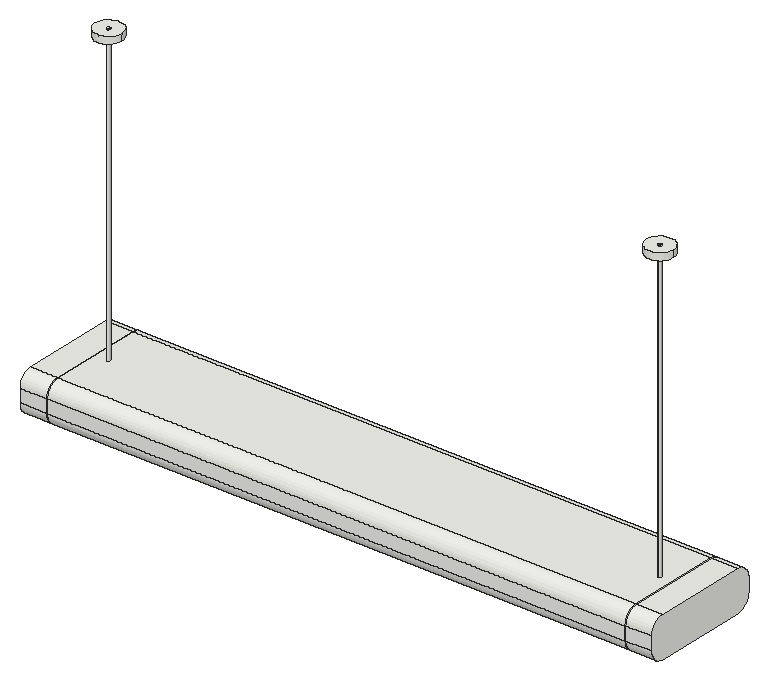
Revit family "Pendente linear - 2 lâmpadas", category Lighting Fixtures, host Ceiling, Revit 2016
Family settings
  Host = Ceiling
  Part Type = Normal
  Round Connector Dimension = Use Diameter
  OmniClass Number = 23.80.70.11.11
  OmniClass Title = General Luminaries, Non Directional
  Always vertical = Yes
  Cut with Voids When Loaded = No
  Light Source = Yes
  Shared = No
  Room Calculation Point = No
Parameters (values of type "1200mm - 120V")
  Wattage = 100 W
  built-in parameter 1150110 = 1 (stored number, unit not read)
  built-in parameter 1114217 = 1 (stored number, unit not read)
  built-in parameter 1150109 = 1 (stored number, unit not read)
  built-in parameter 1150134 = 8
  built-in parameter 1150113 = 1 (stored number, unit not read)
  built-in parameter 1150115 = 1 (stored number, unit not read)
  built-in parameter 1150105 = 3183.1 (stored number, unit not read)
  Load Classification = Lighting - Dwelling Unit
  Light Source Symbol Size = 60.96 cm
  built-in parameter 1150137 = (empty or 0)
  built-in parameter 1150139 = (empty or 0)
  built-in parameter 1150112 = 1 (stored number, unit not read)
  built-in parameter 1150114 = 1 (stored number, unit not read)
  Lamp = "T-12"
  built-in parameter 1150132 = (empty or 0)
  built-in parameter 1150102 = (empty or 0)
  built-in parameter 1150138 = (empty or 0)
  built-in parameter 1150107 = 4230 (stored number, unit not read)
  built-in parameter 1150106 = 31.831 (stored number, unit not read)
  Emit from Rectangle Width = 22.5 cm
  Emit from Rectangle Length = Light Casing Length - 7.6 cm  # 112.4 cm
  Emit Shape Visible in Rendering = no
  built-in parameter 1150104 = 9.2903 (stored number, unit not read)
  Dimming Lamp Color Temperature Shift = <None>
  Color Filter = 16777215
  built-in parameter 1140040 [instance] = 1
  Ballast Voltage = 120 V
  Ballast Number of Poles = 1
  built-in parameter 1114218 = 0.88 (stored number, unit not read)
  built-in parameter 1150133 = 10 (stored number, unit not read)
  Assembly Code = "D5020210"
  Ceiling Mount Material = Metal - Paint Finish - Ivory, Glossy
  Diffuser Material = Glass - White, High Luminance
  Light Casing Length = 120 cm
  Light Casing Material = Metal - Paint Finish - Ivory, Glossy
  Drop From Ceiling = 64 cm
  Lumens = 10000 lm
  Apparent Load = 64 VA
Types (4, lengths in cm): name | Wattage | built-in parameter 1114217 | built-in parameter 1150105 | built-in parameter 1150137 | built-in parameter 1150106 | Emit from Rectangle Length | built-in parameter 1150104 | Ballast Voltage | Light Casing Length | Drop From Ceiling | Lumens | Apparent Load
  1200mm - 120V | 100 W | 1 (stored number, unit not read) | 3183.1 (stored number, unit not read) | (empty or 0) | 31.831 (stored number, unit not read) | 112.4 | 9.2903 (stored number, unit not read) | 120 V | 120 | 64 | 10000 lm | 64 VA
  1200mm - 277V | 64 W | 0.88 (stored number, unit not read) | 1909.9 (stored number, unit not read) | 1 | 19.099 (stored number, unit not read) | 112.4 | 8.7097 (stored number, unit not read) | 277 V | 120 | 64 | 6000 lm | 64 VA
  2400mm - 120V | 150 W | 0.88 (stored number, unit not read) | 4010.7 (stored number, unit not read) | 1 | 40.107 (stored number, unit not read) | 232.4 | 7.8039 (stored number, unit not read) | 120 V | 240 | 34 | 12600 lm | 150 VA
  2400mm - 277V | 150 W | 0.88 (stored number, unit not read) | 4010.7 (stored number, unit not read) | 1 | 40.107 (stored number, unit not read) | 232.4 | 7.8039 (stored number, unit not read) | 277 V | 240 | 34 | 12600 lm | 150 VA
Reference planes (cm)
  plane 1 "Light Source Axis": y = 0
  plane 2 "Ceiling": z = 243.84
  plane 3 "Light Source Axis": x = 0
  plane 4 "Light Source Elevation": z = 181.11
  plane 5: x = -60
  plane 6: x = 60
  plane 7: x = -52.38
  plane 8: x = 52.38
  plane 9: x = -52.3888
  plane 10: x = 52.38
  plane 11: z = 242.57
  plane 12: z = 179.84
  plane 13: z = 182.38
  plane 14: z = 187.46
Forms (cm)
  Sweep 1, solid, material "Metal - Paint Finish - Ivory, Glossy" <- "Light Casing Material"
    path origin (0, 0, 181.11) x (0, -1, 0) y (1, 0, 0)
      loop
        line (0, -54.92) -> (0, 54.92)
    profile origin (0, 0, 184.15) x (0, 1, 0) y (0, 0, 1)
      loop
        line (8.89, 3.31) -> (-8.89, 3.31)
        arc (-8.89, 3.31) -> (-10.6861, 2.5661) -> (-11.43, 0.77) r 2.54
        line (-11.43, 0.77) -> (-11.43, -1.77)
        arc (-11.43, -1.77) -> (-10.6861, -3.5661) -> (-8.89, -4.31) r 2.54
        line (-8.89, -4.31) -> (-6.35, -4.31) -> (-6.35, -1.77) -> (6.35, -1.77) -> (6.35, -4.31) -> (8.89, -4.31)
        arc (8.89, -4.31) -> (10.6861, -3.5661) -> (11.43, -1.77) r 2.54
        line (11.43, -1.77) -> (11.43, 0.77)
        arc (11.43, 0.77) -> (10.6861, 2.5661) -> (8.89, 3.31) r 2.54
  Extrusion 2, solid, material "Metal - Paint Finish - Ivory, Glossy" <- "Ceiling Mount Material"
    sketch origin (0, 0, 181.11) x (0, -1, 0) y (1, 0, 0)
      loop
        circle (0, -52.38) r 0.3175
      loop
        circle (0, 52.38) r 0.3175
    from 6.35 to 62.73
  Extrusion 3, solid, material "Metal - Paint Finish - Ivory, Glossy" <- "Ceiling Mount Material"
    sketch origin (0, 0, 0) x (1, 0, 0) y (0, 1, 0)
      loop
        circle (-52.3888, 0) r 2.54
      loop
        circle (52.38, 0) r 2.54
    from 242.57 to 243.84
  Extrusion 4, solid, material "Glass - White, High Luminance" <- "Diffuser Material"
    sketch origin (0, 0, 0) x (1, 0, 0) y (0, 1, 0)
      loop
        line (-54.92, 6.35) -> (-54.92, -6.35) -> (54.92, -6.35) -> (54.92, 6.35) -> (-54.92, 6.35)
    from 179.84 to 181.11
  Extrusion 5, solid, material "Metal - Paint Finish - Ivory, Glossy" <- "Light Casing Material"
    sketch origin (-54.92, 0, 168.9121) x (0, 0, 1) y (0, 1, 0)
      loop
        arc (18.5479, 8.89) -> (17.8039, 10.6861) -> (16.0079, 11.43) r 2.54
        line (16.0079, 11.43) -> (13.4679, 11.43)
        arc (13.4679, 11.43) -> (11.6718, 10.6861) -> (10.9279, 8.89) r 2.54
        line (10.9279, 8.89) -> (10.9279, -8.89)
        arc (10.9279, -8.89) -> (11.6718, -10.6861) -> (13.4679, -11.43) r 2.54
        line (13.4679, -11.43) -> (16.0079, -11.43)
        arc (16.0079, -11.43) -> (17.8039, -10.6861) -> (18.5479, -8.89) r 2.54
        line (18.5479, -8.89) -> (18.5479, 8.89)
    from 0 to 5.08
  Extrusion 6, solid, material "Metal - Paint Finish - Ivory, Glossy" <- "Light Casing Material"
    sketch origin (54.92, 0, 168.9121) x (0, 1, 0) y (0, 0, 1)
      loop
        arc (-8.89, 18.5479) -> (-10.6861, 17.8039) -> (-11.43, 16.0079) r 2.54
        line (-11.43, 16.0079) -> (-11.43, 13.4679)
        arc (-11.43, 13.4679) -> (-10.6861, 11.6718) -> (-8.89, 10.9279) r 2.54
        line (-8.89, 10.9279) -> (8.89, 10.9279)
        arc (8.89, 10.9279) -> (10.6861, 11.6718) -> (11.43, 13.4679) r 2.54
        line (11.43, 13.4679) -> (11.43, 16.0079)
        arc (11.43, 16.0079) -> (10.6861, 17.8039) -> (8.89, 18.5479) r 2.54
        line (8.89, 18.5479) -> (-8.89, 18.5479)
    from 0 to 5.08
Lines and regions (cm)
  symbolic lines
    curve 1: line (60, 11.43, 243.84) -> (-60, 11.43, 243.84)
    curve 2: line (60, -11.43, 243.84) -> (60, 11.43, 243.84)
    curve 3: line (-60, -11.43, 243.84) -> (60, -11.43, 243.84)
    curve 4: line (-60, 11.43, 243.84) -> (-60, -11.43, 243.84)
    curve 5: arc (-49.8488, 0, 243.84) -> (-52.3888, 2.54, 243.84) -> (-54.9288, 0, 243.84) r 2.54
    curve 6: arc (-54.9288, 0, 243.84) -> (-52.3888, -2.54, 243.84) -> (-49.8488, 0, 243.84) r 2.54
    curve 7: arc (49.84, 0, 243.84) -> (52.38, -2.54, 243.84) -> (54.92, 0, 243.84) r 2.54
    curve 8: arc (54.92, 0, 243.84) -> (52.38, 2.54, 243.84) -> (49.84, 0, 243.84) r 2.54
Dimensions and locks (cm)
  equal spacing: host sketch curve, plane 3 "Light Source Axis", host sketch curve
  equal spacing: host sketch curve, plane 1 "Light Source Axis", host sketch curve
  host sketch curve to host sketch curve = 304.8 cm  (x2)
  "Light Casing Length": plane 5 to plane 6
  equal spacing: plane 5, plane 3 "Light Source Axis", plane 6
  locked: plane 5 to plane 7 at 7.62
  locked: plane 8 to plane 6 at 7.62
  locked: plane 5 to plane 9 at 7.6112
  locked: plane 10 to plane 6 at 7.62
  locked: plane 2 "Ceiling" to plane 11 at 1.27
  locked: plane 12 to plane 4 "Light Source Elevation" at 1.27
  plane 4 "Light Source Elevation" to plane 13 to plane 14 = 1.27 cm locked, 5.08 cm locked
  "Drop From Ceiling": plane 2 "Ceiling" to plane 12
  aligned and locked: Sweep 1 sketch curve to plane 1 "Light Source Axis"
  aligned and locked: plane 2 "Ceiling" to Extrusion 2
  aligned and locked: plane 2 "Ceiling" to Extrusion 3
  aligned and locked: plane 11 to Extrusion 3
  aligned and locked: Sweep 1 to Extrusion 4 sketch curve
  aligned and locked: Extrusion 4 sketch curve to Sweep 1  (x3)
  aligned and locked: Extrusion 5 sketch curve to Sweep 1  (x3)
  aligned and locked: plane 5 to Extrusion 5
  aligned and locked: Extrusion 6 sketch curve to Sweep 1  (x3)
  aligned and locked: Extrusion 6 to plane 6
  aligned and locked: Extrusion 4 to plane 4 "Light Source Elevation"
  aligned and locked: Extrusion 4 to Sweep 1
  aligned and locked: plane 12 to Extrusion 6 sketch curve
  aligned and locked: plane 12 to Extrusion 5 sketch curve
  aligned and locked: plane 5 to curve 4
  aligned and locked: curve 5 to Extrusion 3
  aligned and locked: curve 7 to Extrusion 3
  aligned and locked: plane 3 "Light Source Axis" to imposter light
  aligned and locked: plane 1 "Light Source Axis" to imposter light
  aligned and locked: plane 4 "Light Source Elevation" to imposter light
  aligned and locked: Sweep 1 sketch curve to plane 14
  aligned and locked: Sweep 1 sketch curve to plane 13
  aligned and locked: plane 12 to Sweep 1 sketch curve  (x2)
  aligned and locked: Extrusion 2 to plane 14
Automatic sketch dimensions
  Sweep 1 sketch curve to plane 5 = 5.08 cm
  plane 6 to Sweep 1 sketch curve = 5.08 cm
  Extrusion 2 sketch curve to plane 8 = 0 cm
  Extrusion 2 sketch curve to plane 7 = 0 cm
  Extrusion 2 sketch curve to plane 1 "Light Source Axis" = 0 cm  (x2)
  Extrusion 2 sketch curve to plane 1 "Light Source Axis" = 0.3175 cm  (x2)
  Extrusion 3 sketch curve to plane 1 "Light Source Axis" = 0 cm  (x2)
  Extrusion 3 sketch curve to plane 9 = 0 cm
  Extrusion 3 sketch curve to plane 10 = 0 cm
  Extrusion 3 sketch curve to plane 9 = 2.54 cm
  Extrusion 3 sketch curve to plane 10 = 2.54 cm
  Sweep 1 sketch curve to plane 4 "Light Source Elevation" = 1.27 cm
  profile plane to Sweep 1 sketch curve = 11.43 cm
  Sweep 1 sketch curve to Sweep 1 sketch curve = 2.54 cm  (x5)
  Sweep 1 sketch curve to profile plane = 6.35 cm
  Extrusion 6 sketch curve to plane 4 "Light Source Elevation" = 1.27 cm
  Extrusion 6 sketch curve to Extrusion 6 sketch curve = 2.54 cm  (x3)
  Extrusion 5 sketch curve to plane 4 "Light Source Elevation" = 1.27 cm  (x2)
  Extrusion 5 sketch curve to Extrusion 5 sketch curve = 2.54 cm  (x2)
  curve 2 to plane 6 = 0 cm
  plane 1 "Light Source Axis" to curve 3 = 11.43 cm
  curve 1 to plane 1 "Light Source Axis" = 11.43 cm
Connectors (cm)
  electrical at (0, 0, 179.84), driven by "Apparent Load", driven by "Ballast Voltage", driven by "Ballast Number of Poles", driven by "Load Classification"
    settings: on Extrusion 4, index 1, voltage 120 V, apparent load 0 VA, apparent load phase1 64 VA, apparent load phase2 0 VA, apparent load phase3 0 VA, power factor 0.95, load classification "Lighting - Dwelling Unit", number of poles 1, system type 31, power factor state 1, is connector primary yes, connector utility no, sub classification motor no, connector description ""
